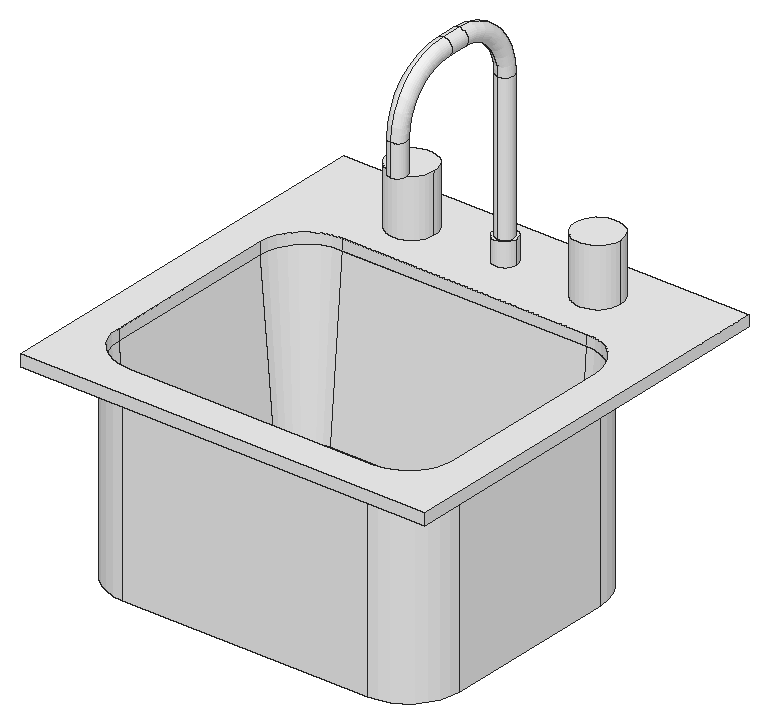
Revit family "Sink - Kitchen (11)", category Plumbing Fixtures, Revit 2019
Family settings
  Round Connector Dimension = Use Diameter
  Part Type = Normal
  Work Plane-Based = No
  Always vertical = Yes
  Cut with Voids When Loaded = No
  Shared = Yes
  Room Calculation Point = No
Parameters (values of type "450 x 450mm")
  Counter Height = 900.00 mm
  Depth = 450.00 mm
  Fixture Material = Metal - Stainless Steel, Polished
  Sink Material = Metal - Stainless Steel, Polished
  Width = 450.00 mm
  Assembly Code = ""
Reference planes
  plane 1 "Center (Front/Back)": y = 2.345
  plane 2: z = 0
  plane 3 "Center (Left/Right)": x = 15.689
  plane 4: y = 227.345
  plane 5: y = -222.655
  plane 6: x = -209.311
  plane 7: x = 240.689
  plane 8 "Top Of Counter": z = 900
  plane 9: z = 912.7
  plane 10: z = 684.1
  plane 11: y = 113.045
  plane 12: x = -171.211
  plane 13: y = -184.555
  plane 14: x = 202.589
  plane 15: x = -85.911
  plane 16: x = 117.289
  plane 17: y = 170.195
  plane 18: y = 170.195
  plane 19: y = 170.195
  plane 20: z = 1163.525
  plane 21: y = 20.97
  plane 22: z = 976.2
  plane 23: z = 938.1
Forms (mm)
  Extrusion 1, solid, material "Metal - Stainless Steel, Polished" <- "Sink Material"
    sketch origin (0, 0, 0) x (1, 0, 0) y (0, 1, 0)
      loop
        line (-209.311, 227.345) -> (-209.311, -222.655) -> (240.689, -222.655) -> (240.689, 227.345) -> (-209.311, 227.345)
      loop
        arc (-120.411, 113.045) -> (-156.332, 98.166) -> (-171.211, 62.245) r 50.8
        line (-171.211, 62.245) -> (-171.211, -133.755)
        arc (-171.211, -133.755) -> (-156.332, -169.676) -> (-120.411, -184.555) r 50.8
        line (-120.411, -184.555) -> (151.789, -184.555)
        arc (151.789, -184.555) -> (187.71, -169.676) -> (202.589, -133.755) r 50.8
        line (202.589, -133.755) -> (202.589, 62.245)
        arc (202.589, 62.245) -> (187.71, 98.166) -> (151.789, 113.045) r 50.8
        line (151.789, 113.045) -> (-120.411, 113.045)
    from 900 to 912.7
  Sweep 2, solid, material "Metal - Stainless Steel, Polished" <- "Sink Material"
    path origin (0, 0, 0) x (1, 0, 0) y (0, 1, 0)
      loop
        arc (-120.411, 113.045) -> (-156.332, 98.166) -> (-171.211, 62.245) r 50.8
        line (-171.211, 62.245) -> (-171.211, -133.755)
        arc (-171.211, -133.755) -> (-156.332, -169.676) -> (-120.411, -184.555) r 50.8
        line (-120.411, -184.555) -> (151.789, -184.555)
        arc (151.789, -184.555) -> (187.71, -169.676) -> (202.589, -133.755) r 50.8
        line (202.589, -133.755) -> (202.589, 62.245)
        arc (202.589, 62.245) -> (187.71, 98.166) -> (151.789, 113.045) r 50.8
        line (151.789, 113.045) -> (-120.411, 113.045)
    profile origin (15.689, 0, 0) x (0, 1, 0) y (0, 0, 1)
      loop
        line (113.045, 900) -> (96.511, 711.015)
        arc (96.511, 711.015) -> (90.404, 698.63) -> (77.534, 693.625) r 19.05
        line (77.534, 693.625) -> (74.945, 693.625) -> (74.945, 684.1) -> (119.395, 684.1) -> (119.395, 900) -> (113.045, 900)
  Extrusion 3, solid, material "Metal - Stainless Steel, Polished" <- "Sink Material"
    sketch origin (0, 0, 0) x (1, 0, 0) y (0, 1, 0)
      loop
        arc (-120.411, 74.945) -> (-129.391, 71.226) -> (-133.111, 62.245) r 12.7
        line (-133.111, 62.245) -> (-133.111, -133.755)
        arc (-133.111, -133.755) -> (-129.391, -142.735) -> (-120.411, -146.455) r 12.7
        line (-120.411, -146.455) -> (151.789, -146.455)
        arc (151.789, -146.455) -> (160.769, -142.735) -> (164.489, -133.755) r 12.7
        line (164.489, -133.755) -> (164.489, 62.245)
        arc (164.489, 62.245) -> (160.769, 71.226) -> (151.789, 74.945) r 12.7
        line (151.789, 74.945) -> (-120.411, 74.945)
      loop
        circle (15.689, 0) r 25.4
    from 684.1 to 693.625
  Extrusion 4, solid, material "Metal - Stainless Steel, Polished" <- "Fixture Material"
    sketch origin (0, 0, 0) x (1, 0, 0) y (0, 1, 0)
      loop
        circle (-85.911, 167.117) r 25.4
      loop
        circle (117.289, 172.313) r 25.4
    from 912.7 to 976.2
  Sweep 5, solid, material "Metal - Stainless Steel, Polished" <- "Fixture Material"
    path origin (15.689, 0, 0) x (0, 1, 0) y (0, 0, 1)
      loop
        line (170.195, 912.7) -> (170.195, 1100.025)
        arc (170.195, 1100.025) -> (151.597, 1144.926) -> (106.695, 1163.525) r 63.5
        line (106.695, 1163.525) -> (84.47, 1163.525)
        arc (84.47, 1163.525) -> (39.569, 1144.926) -> (20.97, 1100.025) r 63.5
        line (20.97, 1100.025) -> (20.97, 1065.1)
    profile origin (15.689, 0, 1006.363) x (0, -1, 0) y (1, 0, 0)
      loop
        circle (-170.195, 0) r 9.525
  Extrusion 6, solid, material "Metal - Stainless Steel, Polished" <- "Fixture Material"
    sketch origin (0, 0, 0) x (1, 0, 0) y (0, 1, 0)
      loop
        circle (15.689, 170.195) r 12.7
    from 912.7 to 938.1
Cuts and joins
  joined: Sweep 5, Extrusion 6
  joined: Sweep 2, Extrusion 3
Lines and regions (mm)
  Masking region 1
    outline origin (0, 0, 0) x (1, 0, 0) y (0, 1, 0)
      loop
        line (240.689, 227.345) -> (-209.311, 227.345) -> (-209.311, -222.655) -> (240.689, -222.655) -> (240.689, 227.345)
  symbolic lines
    curve 1: line (240.689, 227.345, 0) -> (-209.311, 227.345, 0)
    curve 2: line (240.689, -222.655, 0) -> (240.689, 227.345, 0)
    curve 3: line (-209.311, -222.655, 0) -> (240.689, -222.655, 0)
    curve 4: line (-209.311, 227.345, 0) -> (-209.311, -222.655, 0)
    curve 5: arc (41.089, 0, 0) -> (15.689, 25.4, 0) -> (-9.711, 0, 0) r 25.4
    curve 6: arc (-9.711, 0, 0) -> (15.689, -25.4, 0) -> (41.089, 0, 0) r 25.4
    curve 7: line (-171.211, 62.245, 0) -> (-171.211, -133.755, 0)
    curve 8: line (-120.411, -184.555, 0) -> (151.789, -184.555, 0)
    curve 9: line (202.589, -133.755, 0) -> (202.589, 62.245, 0)
    curve 10: line (151.789, 113.045, 0) -> (28.389, 113.045, 0)
    curve 11: arc (202.589, 62.245, 0) -> (187.71, 98.166, 0) -> (151.789, 113.045, 0) r 50.8
    curve 12: arc (151.789, -184.555, 0) -> (187.71, -169.676, 0) -> (202.589, -133.755, 0) r 50.8
    curve 13: arc (-171.211, -133.755, 0) -> (-156.332, -169.676, 0) -> (-120.411, -184.555, 0) r 50.8
    curve 14: arc (-120.411, 113.045, 0) -> (-156.332, 98.166, 0) -> (-171.211, 62.245, 0) r 50.8
    curve 15: arc (-60.511, 167.117, 0) -> (-85.911, 192.517, 0) -> (-111.311, 167.117, 0) r 25.4
    curve 16: arc (142.689, 172.313, 0) -> (117.289, 197.713, 0) -> (91.889, 172.313, 0) r 25.4
    curve 17: arc (-111.311, 167.117, 0) -> (-85.911, 141.717, 0) -> (-60.511, 167.117, 0) r 25.4
    curve 18: arc (91.889, 172.313, 0) -> (117.289, 146.913, 0) -> (142.689, 172.313, 0) r 25.4
    curve 19: arc (28.389, 170.195, 0) -> (15.689, 182.895, 0) -> (2.989, 170.195, 0) r 12.7
    curve 20: line (2.989, 170.195, 0) -> (2.989, 53.145, 0)
    curve 21: line (28.389, 170.195, 0) -> (28.389, 53.145, 0)
    curve 22: arc (28.389, 53.145, 0) -> (15.689, 40.445, 0) -> (2.989, 53.145, 0) r 12.7
    curve 23: line (2.989, 113.045, 0) -> (-120.411, 113.045, 0)
Dimensions and locks
  equal spacing: plane 6, plane 3 "Center (Left/Right)", plane 7
  "Width": plane 6 to plane 7
  equal spacing: plane 5, plane 1 "Center (Front/Back)", plane 4
  "Depth": plane 5 to plane 4
  "Counter Height": plane 8 "Top Of Counter" to plane 2
  locked: plane 9 to plane 8 "Top Of Counter" at 12.7
  locked: plane 8 "Top Of Counter" to plane 10 at 215.9
  locked: plane 6 to plane 12 at 38.1
  locked: plane 14 to plane 7 at 38.1
  locked: plane 11 to plane 4 at 114.3
  locked: plane 5 to plane 13 at 38.1
  equal spacing: plane 11, plane 17, plane 4
  equal spacing: plane 11, plane 18, plane 4
  equal spacing: plane 4, plane 19, plane 11
  locked: plane 19 to plane 21 at 149.225
  locked: plane 20 to plane 9 at 250.825
  locked: plane 22 to plane 9 at 63.5
  locked: plane 23 to plane 9 at 25.4
  aligned and locked: Extrusion 1 sketch curve to plane 5
  aligned and locked: plane 7 to Extrusion 1 sketch curve
  aligned and locked: plane 4 to Extrusion 1 sketch curve
  aligned and locked: Extrusion 1 sketch curve to plane 6
  aligned and locked: plane 8 "Top Of Counter" to Extrusion 1
  aligned and locked: Extrusion 1 to plane 9
  aligned and locked: plane 11 to Extrusion 1 sketch curve
  aligned and locked: plane 14 to Extrusion 1 sketch curve
  aligned and locked: Extrusion 1 sketch curve to plane 12
  aligned and locked: Extrusion 1 sketch curve to plane 13
  aligned and locked: plane 11 to Sweep 2 sketch curve
  aligned and locked: plane 14 to Sweep 2 sketch curve
  aligned and locked: Sweep 2 sketch curve to plane 12
  aligned and locked: Sweep 2 sketch curve to plane 13
  aligned and locked: Sweep 2 to Extrusion 3 sketch curve  (x4)
  aligned and locked: Sweep 2 to Extrusion 3
  aligned and locked: plane 10 to Extrusion 3
  aligned and locked: Sweep 2 sketch curve to plane 10
  aligned and locked: plane 8 "Top Of Counter" to Sweep 2 sketch curve
  aligned and locked: Extrusion 4 to Extrusion 1
  aligned and locked: Extrusion 6 to Extrusion 1
  aligned and locked: Sweep 5 sketch curve to plane 19
  aligned and locked: plane 20 to Sweep 5 sketch curve
  aligned and locked: plane 21 to Sweep 5 sketch curve
  aligned and locked: Extrusion 4 to plane 22
  aligned and locked: Extrusion 6 to plane 23
  aligned: Masking region 1 sketch curve to curve 1
  aligned: Masking region 1 sketch curve to curve 4
  aligned: Masking region 1 sketch curve to curve 3
  aligned: Masking region 1 sketch curve to curve 2
Automatic sketch dimensions
  Sweep 2 sketch curve to plane 12 = 50.80 mm
  Sweep 2 sketch curve to Sweep 2 sketch curve = 50.80 mm
  plane 11 to Sweep 2 sketch curve = 50.80 mm
  plane 14 to Sweep 2 sketch curve = 50.80 mm
  Extrusion 1 sketch curve to plane 12 = 50.80 mm  (x2)
  plane 14 to Extrusion 1 sketch curve = 50.80 mm  (x2)
  Extrusion 3 sketch curve to plane 3 "Center (Left/Right)" = 0.00 mm
  Extrusion 3 sketch curve to Extrusion 3 sketch curve = 12.70 mm  (x4)
  plane 1 "Center (Front/Back)" to Extrusion 3 sketch curve = 2.345 mm
  Extrusion 3 sketch curve to plane 3 "Center (Left/Right)" = 25.40 mm
  Sweep 2 sketch curve to profile plane = 0.00 mm
  profile plane to Sweep 2 sketch curve = 16.534 mm
  Sweep 2 sketch curve to Sweep 2 sketch curve = 18.978 mm
  Sweep 2 sketch curve to Sweep 2 sketch curve = 2.588 mm
  Sweep 2 sketch curve to profile plane = 6.35 mm
  Sweep 2 sketch curve to Sweep 2 sketch curve = 9.525 mm
  Sweep 2 sketch curve to Sweep 2 sketch curve = 17.39 mm
  Extrusion 4 sketch curve to plane 15 = 0.00 mm
  Extrusion 4 sketch curve to plane 16 = 0.00 mm
  plane 17 to Extrusion 4 sketch curve = 3.079 mm
  plane 15 to Extrusion 4 sketch curve = 25.40 mm
  Extrusion 4 sketch curve to plane 17 = 2.118 mm
  plane 16 to Extrusion 4 sketch curve = 25.40 mm
  Sweep 5 sketch curve to plane 3 "Center (Left/Right)" = 0.00 mm
  Sweep 5 sketch curve to profile plane = 0.00 mm
  profile plane to Sweep 5 sketch curve = 9.525 mm
  Extrusion 6 sketch curve to plane 18 = 0.00 mm
  Extrusion 6 sketch curve to plane 3 "Center (Left/Right)" = 0.00 mm
  Extrusion 6 sketch curve to plane 3 "Center (Left/Right)" = 12.70 mm
  Sweep 5 sketch curve to plane 9 = 0.00 mm
  Sweep 5 sketch curve to Sweep 5 sketch curve = 63.50 mm
  plane 11 to Sweep 5 sketch curve = 6.35 mm
  Sweep 5 sketch curve to Sweep 5 sketch curve = 34.925 mm
  curve 1 to plane 4 = 0.00 mm
  curve 1 to plane 6 = 0.00 mm
  curve 7 to plane 12 = 0.00 mm
  curve 14 to plane 11 = 0.00 mm
  curve 8 to plane 13 = 0.00 mm
  curve 5 to plane 3 "Center (Left/Right)" = 0.00 mm
  curve 19 to plane 3 "Center (Left/Right)" = 0.00 mm
  curve 12 to plane 14 = 0.00 mm
  curve 1 to plane 7 = 0.00 mm
  curve 3 to plane 5 = 0.00 mm
  curve 7 to curve 13 = 50.80 mm
  curve 14 to plane 12 = 50.80 mm
  curve 15 to plane 3 "Center (Left/Right)" = 127.00 mm
  curve 15 to curve 17 = 25.40 mm
  plane 1 "Center (Front/Back)" to curve 5 = 2.345 mm
  curve 5 to plane 3 "Center (Left/Right)" = 25.40 mm
  curve 19 to curve 19 = 12.70 mm
  curve 19 to curve 18 = 63.50 mm
  curve 16 to curve 16 = 25.40 mm
  plane 14 to curve 12 = 50.80 mm
  plane 14 to curve 10 = 50.80 mm
  curve 22 to plane 1 "Center (Front/Back)" = 50.80 mm
  plane 4 to curve 17 = 60.229 mm
  plane 4 to curve 21 = 57.15 mm
  plane 4 to curve 16 = 55.032 mm
  curve 10 to plane 11 = 0.00 mm
  Masking region 1 sketch curve to plane 4 = 0.00 mm
  Masking region 1 sketch curve to plane 6 = 0.00 mm
  Masking region 1 sketch curve to plane 5 = 0.00 mm
  Masking region 1 sketch curve to plane 7 = 0.00 mm
Connectors
  piping at (117.289, 172.313, 976.2), diameter 7.5
    settings: on Extrusion 4, index 1, connector inside diameter 609.6 mm, connector length 0.00 mm, flow factor 0, pipe flow 0.0 L/s, pressure drop 0.0 Pa, fitting loss kfactor 0, connector angle 0.00°, fixture units 3, engagement length 0.00 mm, angle of deflection 0.00°, flow configuration 3, flow direction 1, fitting loss method 4, system type 20, joint type 0, gender type 0, connector reference index -1, connector utility 0, adjustable connector no, is connector primary yes, connector description "In"
  piping at (-85.911, 167.117, 976.2), diameter 7.5
    settings: on Extrusion 4, index 2, connector inside diameter 609.6 mm, connector length 0.00 mm, flow factor 0, pipe flow 0.0 L/s, pressure drop 0.0 Pa, fitting loss kfactor 0, connector angle 0.00°, fixture units 3, engagement length 0.00 mm, angle of deflection 0.00°, flow configuration 3, flow direction 1, fitting loss method 4, system type 19, joint type 0, gender type 0, connector reference index -1, connector utility 0, adjustable connector no, is connector primary no, connector description "In"
  piping at (15.689, 0, 693.625), diameter 20
    settings: on cut or joined group of Sweep 2, Extrusion 3, index 3, connector inside diameter 609.6 mm, connector length 0.00 mm, flow factor 0, pipe flow 0.0 L/s, pressure drop 0.0 Pa, fitting loss kfactor 0, connector angle 0.00°, fixture units 2, engagement length 0.00 mm, angle of deflection 0.00°, flow configuration 3, flow direction 2, fitting loss method 0, system type 16, joint type 0, gender type 0, connector reference index -1, connector utility 0, adjustable connector no, is connector primary no, connector description "Out"
